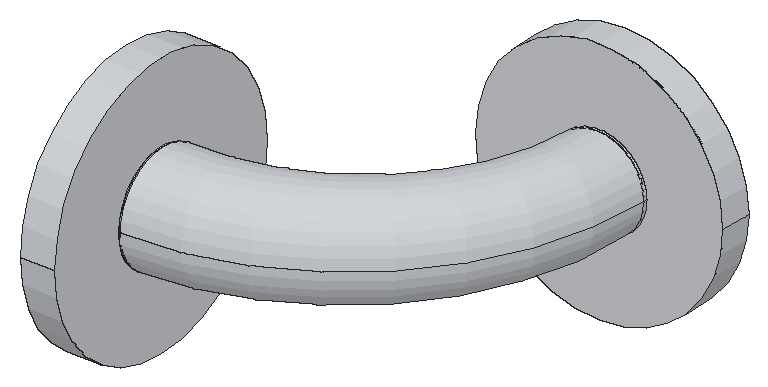
Revit family "737c00f6741849cb8aa25d59c42b3613", category Pipe Fittings, Revit 2021
Family settings
  Round Connector Dimension = Use Radius
  Part Type = Elbow
  OmniClass Number = 23.60.30.11.14
  OmniClass Title = Pipework Fittings
  Seek Item ID = Elbow Reducing Long Radius - Flanged - GI - Class 250-0000-USA-ENU
  Work Plane-Based = No
  Always vertical = Yes
  Cut with Voids When Loaded = No
  Shared = No
Parameters (values of type "Standard")
  Wall Thickness 2 [instance] = size_lookup(Lookup Table Name, "WThk", 0.06 * Nominal Diameter 2 + 97/256", Nominal Diameter 2)  # 0.43701"
  Wall Thickness 1 [instance] = size_lookup(Lookup Table Name, "WThk", 0.06 * Nominal Diameter 1 + 97/256", Nominal Diameter 1)  # 0.43701"
  Tick Size 2 [instance] = Flange Diameter 2 * 0.4  # 1.95276"
  Tick Size 1 [instance] = Flange Diameter 1 * 0.4  # 2.09449"
  Raised Face Thickness [instance] = 1/16"  # constant formula
  Raised Face Radius 2 [instance] = Raised Face Diameter 2 / 2  # 1.33858"
  Raised Face Radius 1 [instance] = Raised Face Diameter 1 / 2  # 1.53543"
  Raised Face Diameter 2 [instance] = size_lookup(Lookup Table Name, "RFD", 1.2 * Nominal Diameter 2 + 2 1/256", Nominal Diameter 2)  # 2.67717"
  Raised Face Diameter 1 [instance] = size_lookup(Lookup Table Name, "RFD", 1.2 * Nominal Diameter 1 + 2 1/256", Nominal Diameter 1)  # 3.07087"
  Nominal Radius 2 [instance] = 1/2"
  Nominal Diameter 2 [instance] = Nominal Radius 2 * 2  # 1"
  Loss Method = K Coefficient from Table
  Lookup Table Name = "Elbow Reducing Long Radius - Flanged - GI - Class 250"
  Length 9 [instance] = Flange Thickness 2 - Raised Face Thickness  # 0.62648"
  Length 8 [instance] = Center to Face - if(Max Nominal Diameter 12 = Nominal Diameter 1, Flange Thickness 1, Flange Thickness 2)  # 4.76378"
  Length 7 [instance] = Length 1 + Length 1 * cos(Angle) + (Flange Thickness 2 + Length 5) * cos(Angle)  # 4.76378"
  Length 6 [instance] = (Flange Thickness 2 + Length 5) * sin(Angle)  # 0.74803"
  Length 5 [instance] = if(Max Nominal Diameter 12 = Nominal Diameter 2, 1/32", if(Center to Face - Flange Thickness 2 - Length 1 > 1/32", Center to Face - Flange Thickness 2 - Length 1, 1/32"))  # 0.05906"
  Length 4 [instance] = if(Max Nominal Diameter 12 = Nominal Diameter 1, 1/32", if(Center to Face - Flange Thickness 1 - Length 1 > 1/32", Center to Face - Flange Thickness 1 - Length 1, 1/32"))  # 1/32"
  Length 3 [instance] = Length 1 + Length 1 * cos(Angle)  # 4.76378"
  Length 2 [instance] = Length 1 * sin(Angle)  # 4.76378"
  Max Nominal Diameter 12 [instance] = if(Nominal Diameter 1 > Nominal Diameter 2, Nominal Diameter 1, Nominal Diameter 2)  # 1 1/4"
  Length 10 [instance] = Flange Thickness 2 + Length 5  # 0.74803"
  Max Insulation Radius 12 [instance] = if(Fitting Outside Radius 1 > Fitting Outside Radius 2, Fitting Outside Radius 1, Fitting Outside Radius 2)  # 1.06693"
  K Coefficient Table = "Long Radius Flanged 45, 90 and 180 Elbow"
  Flange Thickness 2 [instance] = size_lookup(Lookup Table Name, "FThk", 0.08 * Nominal Diameter 2 + 217/256", Nominal Diameter 2)  # 0.68898"
  Flange Thickness 1 [instance] = size_lookup(Lookup Table Name, "FThk", 0.08 * Nominal Diameter 1 + 217/256", Nominal Diameter 1)  # 0.74803"
  Flange Radius 2 [instance] = Flange Diameter 2 / 2  # 2.44094"
  Flange Diameter 2 [instance] = size_lookup(Lookup Table Name, "FDia", 1.34 * Nominal Diameter 2 + 4 3/16", Nominal Diameter 2)  # 4.88189"
  Fitting Outside Radius 2 [instance] = Fitting Outside Diameter 2 / 2  # 0.92913"
  Fitting Outside Radius 1 [instance] = Fitting Outside Diameter 1 / 2  # 1.06693"
  Fitting Outside Diameter 2 [instance] = Fitting Inside Diameter 2 + Wall Thickness 2 * 2  # 1.85827"
  Fitting Outside Diameter 1 [instance] = Fitting Inside Diameter 1 + Wall Thickness 1 * 2  # 2.13386"
  Length 1 [instance] = if(Max Insulation Radius 12 * tan(Angle / 2) > Length 8, Max Insulation Radius 12 * tan(Angle / 2) + 1/32", Length 8)  # 4.76378"
  Nominal Radius 1 [instance] = 5/8"
  Nominal Diameter 1 [instance] = Nominal Radius 1 * 2  # 1 1/4"
  Fitting Inside Diameter 2 [instance] = size_lookup(Lookup Table Name, "FID", 0.97 * Nominal Diameter 2 + 13/128", Nominal Diameter 2)  # 0.98425"
  Fitting Inside Diameter 1 [instance] = size_lookup(Lookup Table Name, "FID", 0.97 * Nominal Diameter 1 + 13/128", Nominal Diameter 1)  # 1.25984"
  Default Elevation = 0' - 0"
  Center to Face [instance] = size_lookup(Lookup Table Name, "CtF", 1.27 * Max Nominal Diameter 12 + 3 233/256", Max Nominal Diameter 12)  # 5.51181"
  Center Radius [instance] = Length 1 / tan(Angle / 2)  # 4.76378"
  Flange Radius 1 [instance] = Flange Diameter 1 / 2  # 2.61811"
  Flange Diameter 1 [instance] = size_lookup(Lookup Table Name, "FDia", 1.34 * Nominal Diameter 1 + 4 3/16", Nominal Diameter 1)  # 5.23622"
  Assembly Code = ""
  Angle [instance] = 90.00°
Reference planes (in)
  plane 1 "Center (Front/Back)": y = 0
  plane 2: z = 0
  plane 3 "Center (Left/Right)": x = 0
  plane 4: x = -4.76378
  plane 5: y = 4.76378
  plane 6: x = 0
  plane 7: y = 4.76378
  plane 8: x = -4.79503
  plane 9: x = -5.48056
  plane 10: x = -4.79503
  plane 11: x = 0
  plane 12: y = 5.51181
  plane 13: x = -5.54306
Forms (in)
  Sweep 1, solid, detail levels fine
    path in 3D
      loop
        line (-4.79503, 0, 0) -> (-4.76378, 0, 0)
    profile origin (-4.7794, 0, 0) x (0, 1, 0) y (0, 0, 1)
      loop
        circle (0, 0) r 1.06693
  Sweep 2, solid, detail levels fine
    path in 3D
      loop
        line (-4.79503, 0, 0) -> (-5.48056, 0, 0)
    profile origin (-5.1378, 0, 0) x (0, -1, 0) y (0, 0, 1)
      loop
        circle (0, 0) r 2.61811
  Sweep 3, solid, detail levels fine
    path in 3D
      loop
        line (-5.54306, 0, 0) -> (-5.48056, 0, 0)
    profile origin (-5.51181, 0, 0) x (0, 1, 0) y (0, 0, 1)
      loop
        circle (0, 0) r 1.53543
  SweptBlend 4, solid, detail levels fine
    path in 3D
      loop
        arc (-4.76378, 0, 0) -> (-1.39528, 1.39528, 0) -> (0, 4.76378, 0) r 4.76378
    profile origin (-4.76378, 0, 0) x (0, 1, 0) y (0, 0, 1)
      loop
        circle (0, 0) r 1.06693
    end profile origin (0, 4.76378, 0) x (-1, 0, 0) y (0, 0, 1)
      loop
        circle (0, 0) r 0.92913
  Sweep 5, solid, detail levels fine
    path in 3D
      loop
        line (0, 5.51181, 0) -> (0, 5.44931, 0)
    profile origin (0, 5.48056, 0) x (1, 0, 0) y (0, 0, 1)
      loop
        circle (0, 0) r 1.33858
  Sweep 6, solid, detail levels fine
    path in 3D
      loop
        line (0, 4.82283, 0) -> (0, 5.44931, 0)
    profile origin (0, 5.13607, 0) x (-1, 0, 0) y (0, 0, 1)
      loop
        circle (0, 0) r 2.44094
  Sweep 7, solid, detail levels fine
    path in 3D
      loop
        line (0, 4.76378, 0) -> (0, 4.82283, 0)
    profile origin (0, 4.79331, 0) x (-1, 0, 0) y (0, 0, 1)
      loop
        circle (0, 0) r 0.92913
Cuts and joins
  joined: Sweep 1, Sweep 2, Sweep 3
  joined: Sweep 5, Sweep 6, Sweep 7
Lines and regions (in)
  model lines, detail levels coarse+medium
    curve 1: line (-4.79503, 0, 0) -> (-4.76378, 0, 0)
    curve 2: line (-4.79503, 0, 0) -> (-5.48056, 0, 0)
    curve 5: line (-5.54306, 0, 0) -> (-5.48056, 0, 0)
    curve 7: line (-5.54306, 0, 0) -> (-5.54306, 2.09449, 0)
    curve 8: line (-5.54306, 0, 0) -> (-5.54306, -2.09449, 0)
    curve 17: line (0, 4.76378, 0) -> (0, 5.51181, 0)
    curve 18: arc (-4.76378, 0, 0) -> (-1.39528, 1.39528, 0) -> (0, 4.76378, 0) r 4.76378
    curve 19: line (0, 5.51181, 0) -> (1.95276, 5.51181, 0)
    curve 20: line (0, 5.51181, 0) -> (-1.95276, 5.51181, 0)
  sketch lines
    curve 3: line (-4.79503, 0, 0) -> (-4.76378, 0, 0)
    curve 4: line (-4.79503, 0, 0) -> (-5.48056, 0, 0)
    curve 6: line (-5.54306, 0, 0) -> (-5.48056, 0, 0)
    curve 13: arc (-4.76378, 0, 0) -> (-1.39528, 1.39528, 0) -> (0, 4.76378, 0) r 4.76378
    curve 14: line (0, 5.51181, 0) -> (0, 5.44931, 0)
    curve 15: line (0, 4.82283, 0) -> (0, 5.44931, 0)
    curve 16: line (0, 4.76378, 0) -> (0, 4.82283, 0)
  reference lines
    curve 9: line (0, 5.51181, 0) -> (0, 5.44931, 0)
    curve 10: line (0, 4.76378, 0) -> (0, 4.82283, 0)
    curve 11: arc (-4.76378, 0, 0) -> (-1.39528, 1.39528, 0) -> (0, 4.76378, 0) r 4.76378
    curve 12: line (0, 4.82283, 0) -> (0, 5.44931, 0)
Dimensions and locks (in)
  "Length 1": plane 4 to plane 3 "Center (Left/Right)"
  "Center Radius": plane 5 to plane 1 "Center (Front/Back)"
  "Length 3": plane 4 to plane 6
  "Length 2": plane 7 to plane 1 "Center (Front/Back)"
  "Length 4": plane 8 to plane 4
  locked: plane 8 to plane 10
  "Length 6": plane 12 to plane 7
  "Length 7": plane 4 to plane 11
  "Raised Face Thickness": plane 13 to plane 9
  "Flange Thickness 1": plane 13 to plane 8
  "Tick Size 1": curve 7 to curve 7
  "Tick Size 1": curve 8 to curve 8
  "Raised Face Thickness": curve 9 to curve 9
  "Length 5": curve 10 to curve 10
  "Length 9": curve 12 to curve 12
  "Length 10": curve 17 to curve 17
  "Tick Size 2": curve 19 to curve 19
  "Tick Size 2": curve 20 to curve 20
  "Fitting Outside Radius 1": radius of Sweep 1 sketch curve
  "Flange Radius 1": radius of Sweep 2 sketch curve
  "Raised Face Radius 1": radius of Sweep 3 sketch curve
  "Fitting Outside Radius 1": radius of SweptBlend 4 sketch curve
  "Fitting Outside Radius 2": radius of SweptBlend 4 sketch curve
  "Raised Face Radius 2": radius of Sweep 5 sketch curve
  "Flange Radius 2": radius of Sweep 6 sketch curve
  "Fitting Outside Radius 2": radius of Sweep 7 sketch curve
  "Angle": angle plane 12 to curve 9
  "Angle": angle plane 7 to curve 10
  "Angle": angle curve 11 to curve 11
  "Angle": angle plane 12 to curve 12
  "Angle": angle plane 7 to curve 17
  "Angle": angle curve 18 to curve 18
  "Angle": angle plane 11 to curve 19
  "Angle": angle plane 11 to curve 20
  aligned and locked: plane 1 "Center (Front/Back)" to curve 1
  aligned and locked: plane 8 to curve 2
  aligned and locked: plane 9 to curve 5
  aligned and locked: plane 1 "Center (Front/Back)" to curve 5
  aligned and locked: plane 13 to curve 7
  aligned and locked: plane 12 to curve 9
  aligned and locked: plane 11 to curve 9
  aligned and locked: plane 6 to curve 10
  aligned and locked: plane 7 to curve 10
  aligned and locked: plane 5 to curve 11
  aligned and locked: plane 4 to curve 11  (x2)
  aligned and locked: plane 1 "Center (Front/Back)" to curve 11
  aligned and locked: plane 6 to curve 17
  aligned and locked: plane 4 to curve 18  (x2)
  aligned and locked: plane 1 "Center (Front/Back)" to curve 18
  aligned and locked: plane 11 to curve 20
  aligned and locked: plane 12 to curve 20
Automatic sketch dimensions
  Sweep 1 sketch curve to profile plane = 0' - 0"  (x2)
  Sweep 2 sketch curve to profile plane = 0' - 0"  (x2)
  Sweep 3 sketch curve to profile plane = 0' - 0"  (x2)
  SweptBlend 4 sketch curve to profile plane = 0' - 0"  (x4)
  profile plane to Sweep 5 sketch curve = 0' - 0"
  Sweep 5 sketch curve to profile plane = 0' - 0"
  Sweep 6 sketch curve to profile plane = 0' - 0"  (x2)
  Sweep 7 sketch curve to profile plane = 0' - 0"  (x2)
Connectors (in)
  piping at (-5.54306, 0, 0), diameter 1.25, driven by "Nominal Radius 1", driven by "Angle"
    settings: on Sweep 3, index 1, connector inside diameter 1 1/4", connector length 0' - 0", flow factor 0, pipe flow 0 GPM, pressure drop 0.00 psi, fitting loss kfactor 0, connector angle 90.00°, fixture units 0, engagement length 0' - 0", angle of deflection 0.00°, flow configuration 0, flow direction 0, fitting loss method 0, system type 28, joint type 0, gender type 0, connector reference index 2, connector utility 0, adjustable connector no, is connector primary yes, connector description ""
  piping at (0, 5.51181, 0), diameter 1, driven by "Nominal Radius 2", driven by "Angle"
    settings: on cut or joined group of Sweep 5, Sweep 6, Sweep 7, index 2, connector inside diameter 1", connector length 0' - 0", flow factor 0, pipe flow 0 GPM, pressure drop 0.00 psi, fitting loss kfactor 0, connector angle 90.00°, fixture units 0, engagement length 0' - 0", angle of deflection 0.00°, flow configuration 0, flow direction 0, fitting loss method 0, system type 28, joint type 0, gender type 0, connector reference index 1, connector utility 0, adjustable connector no, is connector primary no, connector description ""
